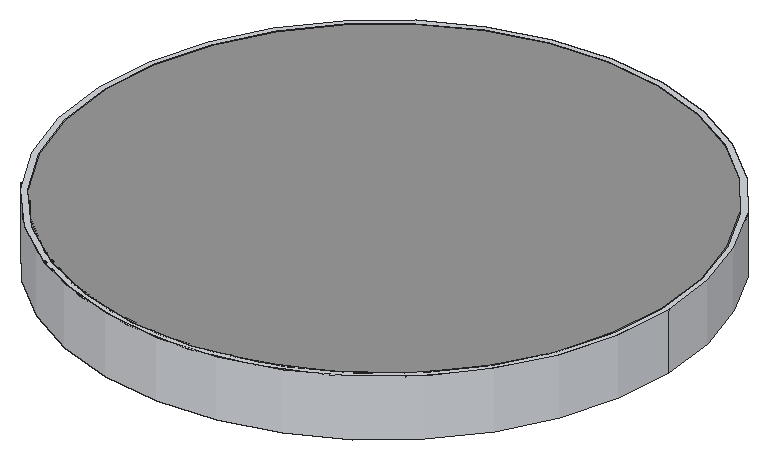
Revit family "2071193", category Lighting Fixtures, host Face, Revit 2018
Family settings
  Host = Face
  Round Connector Dimension = Use Diameter
  Part Type = Normal
  OmniClass Number = 23.80.70.00
  OmniClass Title = Lighting
  Cut with Voids When Loaded = No
  Light Source = Yes
  Shared = No
  Room Calculation Point = No
Parameters (values of type "2071193 COLOSSAL 600 940 PR DIR WHT DALI")
  iner diameter = 588 mm
  Weight = "n/a"
  Wattage Comments = ""
  Wattage = 30 W
  WarrantyStartDate [instance] = "n/a"
  WarrantyGuarantorParts = "n/a"
  WarrantyDurationUnit = "n/a"
  WarrantyDurationParts = ""
  WarrantyDescription = "http://www.sylvania-lighting.com"
  built-in parameter 1150110 = 1 (stored number, unit not read)
  Voltage = 230 V
  URL = "0.99"
  TypeName = "COLOSSAL 600mm 940 PRISM DIR WHITE DALI"
  Type Image = <None>
  Type Comments = "n/a"
  built-in parameter 1114217 = 1 (stored number, unit not read)
  Tilt Angle = -90.00°
  built-in parameter 1150109 = 1 (stored number, unit not read)
  built-in parameter 1150134 = (empty or 0)
  built-in parameter 1150113 = 1 (stored number, unit not read)
  SerialNumber [instance] = "n/a"
  Photometric Web File = "2071193.ies"
  Material_3_SYL = LED-Sylvania
  PowerFactor = 0
  PowerConsumption = "Lighting"
  NominalLength = 600 mm
  NominalHeight = 93 mm
  NominalDepth = 600 mm
  Name = "COLOSSAL 600mm 940 PRISM DIR WHITE DALI"
  ModelReference = Name  # "COLOSSAL 600mm 940 PRISM DIR WHITE DALI"
  ModelNumber = "2071193"
  Model = Name  # "COLOSSAL 600mm 940 PRISM DIR WHITE DALI"
  Material = "Feilo Sylvania"
  ManufacturerName = "109 lm/W"
  Manufacturer = ""
  LuminousEfficacy = ""
  built-in parameter 1150105 = 270.44 (stored number, unit not read)
  Lumens = 3398.4 lm
  LuminaireType = "0"
  built-in parameter 1150115 = 1 (stored number, unit not read)
  LightOutputRatio = "LED"
  built-in parameter 1150137 = (empty or 0)
  built-in parameter 1150139 = (empty or 0)
  LampsType = Lamp  # "n/a"
  LampNominalLuminous = "4000 K"
  LampMacAdamStep = "90"
  LampColourTemperature = "LED"
  LampColourRenderingIndex = "16500"
  built-in parameter 1150112 = 1 (stored number, unit not read)
  built-in parameter 1150114 = 1 (stored number, unit not read)
  Lamp = "n/a"
  Keynote = "n/a"
  InstallationDate [instance] = "n/a"
  InputVoltage = "0"
  InputNominalFrequency = "4000"
  built-in parameter 1150132 = (empty or 0)
  built-in parameter 1150102 = (empty or 0)
  built-in parameter 1150107 = 3000 (stored number, unit not read)
  built-in parameter 1150138 = (empty or 0)
  IngressProtection = "IfcLightFixtureType"
  ImpactProtectionIndex = "IfcLightFixtureType"
  built-in parameter 1150106 = 2.7044 (stored number, unit not read)
  IfcExportType = "IfcLightFixtureType"
  IfcExportAs = "Class I"
  Emit from Circle Diameter = 385 mm
  Emit Shape Visible in Rendering = no
  ElectricShockClassification = "109"
  built-in parameter 1150104 = 10.524 (stored number, unit not read)
  DocumentationLiterature = "http://www.sylvania-lighting.com/product/en-int/products/2071193"
  DimmingControlOptions = "n/a"
  Material_2_SYL = Polycarbonate_Sylvania_White
  Dimming Lamp Color Temperature Shift = <None>
  Description = "600mm diameter circular architectural luminaire, can be surface mounted or suspended. Powder coated aluminium housing (RAL9016) with PMMA prismatic diffuser. Direct light distribution, 3400lm luminuous flux, 31.3W system power, 109lm/W luminiaire efficacy. DALI dimmable. Colour rendering index Ra >90, 4000K Neutral White LED, chromaticity tolerance of 3-step MacAdam ellipse. IP40, IK03. 350mA drive current. UGR≤19. Electrical protection Class1, 220-240V. Reported lifetime 66k hours L90B10."
  Default Elevation = 1219.2 mm
  CreatedOn = "23/03/2022"
  CreatedBy = "@sylvania-lighting.com"
  Cost = 0
  Color Filter = 16777215
  built-in parameter 1114216 [instance] = (empty or 0)
  ClassificationValue = "EF_70_80"
  ClassificationName = "Uniclass2015"
  Material_1_SYL = Polycarbonate_Sylvania_Opal
  BarCode [instance] = "n/a"
  built-in parameter 1114218 = 1 (stored number, unit not read)
  built-in parameter 1150133 = 10 (stored number, unit not read)
  AssetType = "Fixed"
  AssetIdentifier [instance] = "n/a"
  Assembly Code = "D5020200"
  Apparent Load = 31.3 VA
  Material_4_SYL = none
Reference planes
  plane 1 "Center (Front/Back)": y = 0
  plane 2: z = 0
  plane 3 "Center (Left/Right)": x = 0
  plane 4: x = -300
  plane 5: x = 300
  plane 6: y = 300
  plane 7: y = -300
  plane 8: y = 212
  plane 9: y = -212
  plane 10: z = 93
  plane 11: y = 294
  plane 12: y = -294
  plane 13: through (0, 0, 1219.2) normal (0.5, -0.866, 0)
  plane 14: through (-134.29, 20.617, 1219.2) normal (0.5, -0.866, 0)
  plane 15: through (-144.685, -181.683, 1219.2) normal (-0.5, 0.866, 0)
  plane 16: through (0, 0, 1219.2) normal (0.5, 0.866, 0)
  plane 17: through (178.555, -4.939, 1219.2) normal (0.5, 0.866, 0)
  plane 18: through (87.581, -148.715, 1219.2) normal (0.5, 0.866, 0)
  plane 19: y = 272
  plane 20: through (105.168, 227.067, 1219.2) normal (0.866, 0.5, 0)
  plane 21: through (-104.171, 225.672, 1219.2) normal (0.8572, -0.515, 0)
  plane 22: y = -204.612
  plane 23: through (-296.643, -30.2, 1219.2) normal (0.866, 0.5, 0)
  plane 24: through (153.092, -278.837, 1219.2) normal (-0.866, 0.5, 0)
Forms (mm)
  Extrusion 1, solid, detail levels medium+fine
    sketch origin (0, 0, 0) x (1, 0, 0) y (0, 1, 0)
      loop
        circle (0, 0) r 300
    from 33.023 to 93
  Extrusion 2, void
    sketch origin (0, 0, 0) x (1, 0, 0) y (0, 1, 0)
      loop
        circle (0, 0) r 294
    from 93 to 37.292
  Extrusion 3, solid, material "Glass, White, High Luminance", detail levels fine
    sketch origin (0, 0, 0) x (1, 0, 0) y (0, 1, 0)
      loop
        circle (0, 0) r 294
    from 88.026 to 93
  Extrusion 4, solid, detail levels coarse
    sketch origin (0, 0, 0) x (1, 0, 0) y (0, 1, 0)
      loop
        line (-300, 300) -> (-300, -300) -> (300, -300) -> (300, 300) -> (-300, 300)
    from 0 to 93
  Blend 5, solid, detail levels medium+fine
    base sketch origin (0, 0, 0) x (1, 0, 0) y (0, 1, 0)
      loop
        line (-76.334, 272) -> (-277.665, -63.07) -> (-195.946, -204.612) -> (195.946, -204.612) -> (275.172, -67.388) -> (79.226, 272) -> (-76.334, 272)
    top sketch origin (0, 0, 0) x (1, 0, 0) y (0, 1, 0)
      loop
        line (-226.097, -32.388) -> (-141.097, -179.612) -> (141.097, -179.612) -> (226.097, -32.388) -> (85, 212) -> (-85, 212) -> (-226.097, -32.388)
    from 33.023 to 0
Cuts and joins
  Extrusion 2 cuts Extrusion 1
Lines and regions (mm)
  model lines
    curve 1: line (-85, 212, 0) -> (0, 212, 0)
    curve 2: line (0, 212, 0) -> (85, 212, 0)
Dimensions and locks
  "NominalDepth": plane 6 to plane 7
  "NominalLength": plane 4 to plane 5
  equal spacing: plane 4, plane 3 "Center (Left/Right)", plane 5
  "iner diameter": plane 11 to plane 12
  equal spacing: plane 11, plane 1 "Center (Front/Back)", plane 12
  equal spacing: plane 6, plane 1 "Center (Front/Back)", plane 7
  "NominalHeight": plane 10 to level
  radius of Extrusion 2 sketch curve = 294 mm
  aligned and locked: plane 2 to host face
  aligned and locked: level to host face
Automatic sketch dimensions
  host sketch curve to host sketch curve = 2438.4 mm  (x2)
  plane 1 "Center (Front/Back)" to Extrusion 1 sketch curve = 0 mm
  Extrusion 1 sketch curve to plane 3 "Center (Left/Right)" = 0 mm
  plane 1 "Center (Front/Back)" to Extrusion 2 sketch curve = 0 mm
  Extrusion 2 sketch curve to plane 3 "Center (Left/Right)" = 0 mm
  plane 1 "Center (Front/Back)" to Extrusion 3 sketch curve = 0 mm
  Extrusion 3 sketch curve to plane 3 "Center (Left/Right)" = 0 mm
  Extrusion 4 sketch curve to plane 4 = 0 mm
  Extrusion 4 sketch curve to plane 5 = 0 mm
  Extrusion 4 sketch curve to plane 7 = 0 mm
  Extrusion 4 sketch curve to plane 6 = 0 mm
  Blend 5 sketch curve to plane 8 = 0 mm
  Blend 5 sketch curve to plane 3 "Center (Left/Right)" = 85 mm
  plane 3 "Center (Left/Right)" to Blend 5 sketch curve = 85 mm
  plane 9 to Blend 5 sketch curve = 32.388 mm
  plane 3 "Center (Left/Right)" to Blend 5 sketch curve = 141.097 mm
  plane 1 "Center (Front/Back)" to Blend 5 sketch curve = 32.388 mm  (x2)
  Blend 5 sketch curve to plane 5 = 73.903 mm
  Blend 5 sketch curve to plane 3 "Center (Left/Right)" = 141.097 mm
  plane 4 to Blend 5 sketch curve = 73.903 mm
  curve 1 to plane 8 = 0 mm
  curve 2 to plane 3 "Center (Left/Right)" = 0 mm
  curve 1 to plane 3 "Center (Left/Right)" = 85 mm
  curve 1 to curve 2 = 85 mm
  Blend 5 sketch curve to plane 21 = 0 mm
  Blend 5 sketch curve to plane 23 = 0 mm  (x2)
  Blend 5 sketch curve to plane 22 = 0 mm
  Blend 5 sketch curve to plane 19 = 0 mm
  plane 21 to Blend 5 sketch curve = 0 mm
  Blend 5 sketch curve to plane 20 = 0 mm  (x2)
  Blend 5 sketch curve to plane 24 = 0 mm  (x2)
  radius of Extrusion 1 sketch curve = 300 mm
  radius of Extrusion 3 sketch curve = 294 mm
Connectors
  electrical at (0, 0, 0), driven by "Apparent Load", driven by "PowerFactor", driven by "Voltage"
    settings: index 1, voltage 230 V, apparent load 31.3 VA, apparent load phase1 0 VA, apparent load phase2 0 VA, apparent load phase3 0 VA, power factor 0, load classification "Lighting", number of poles 1, system type 30, power factor state 1, is connector primary yes, connector utility no, sub classification motor no, connector description ""
